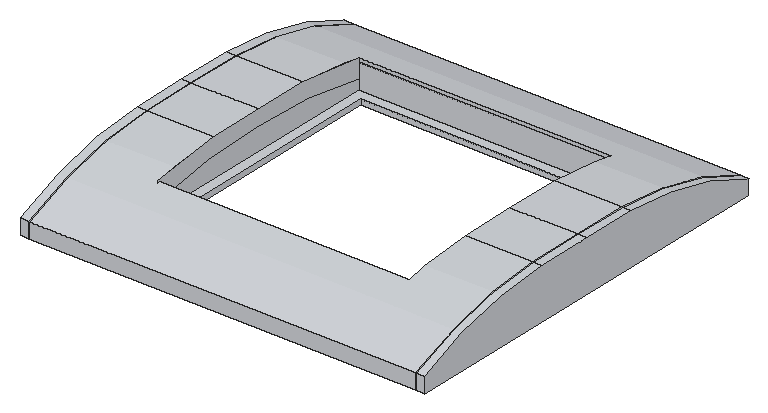
Revit family "Gira_0211758", category Electrical Fixtures, host Face, Revit 2017
Family settings
  Host = Face
  Maintain Annotation Orientation = No
  Round Connector Dimension = Use Diameter
  Part Type = Normal
  Cut with Voids When Loaded = No
  Shared = No
  Room Calculation Point = No
Parameters (values of type "Cov.fr. 1-g interm.fr. AN Gira Event Clear aubergine")
  With mounting grid = "No"
  With hinged lid = "No"
  URL = "http://katalog.gira.de/en/datenblatt.html?artikelnr=0211758"
  Type of fastening = "Clamp mounting"
  Transparent = "No"
  Surface protection = "Other"
  Surface finishing = "Glossy"
  Suitable for wall duct = "No"
  Suitable for flush-mounted installation = "Yes"
  Suitable for floor box = "No"
  Suitable for built-in installation = "No"
  Number of units vertical = "1"
  Number of units horizontal = "1"
  Number of units = "1"
  Name = "Cov.fr. 1-g interm.fr. AN Gira Event Clear aubergine"
  Mounting direction = "Horizontal and vertical"
  Material quality = "Thermoplastic"
  Material = "Plastic"
  Manufacturer URL = "https://www.gira.de/"
  Manufacturer = "Gira"
  Label space/information surface = "No"
  Keynote = ""
  HeinzeBIM = "https://bimportal.heinze.de/bim/cov-fr-1-g-interm-fr-an-gira-event-clear-aubergine/83978e47247f62c881ce1ef036a7b14615664897"
  Halogen free = "Yes"
  HAN = "0211758"
  GTIN = "4010337069225"
  Description = "Cov.fr.1g i.fr.AN EvCl AU,Gira Event Clear cover frame,aubergine with anthracite intermediate frame,1-gang,Features:,- Shatter-proof."
  Degree of protection (IP) = "IP20"
  Default Elevation = 1219.2 mm
  Data sheet (1) = "https://katalog.gira.de/en/download.html?artikelnr=0211758"
  Colour = "Other"
  Category = "Cover frame for domestic switching devices"
  BIM (1) = "https://media.stage.bim.site/public/gira/36a6b08/Event_Rahmen_1fach.rfa"
  Available = "No"
Reference planes
  plane 1 "Center (Front/Back)": y = 0
  plane 2: z = 0
  plane 3 "Center (Left/Right)": x = 0
Forms (mm)
  Extrusion 1, solid, detail levels fine
    sketch origin (0, 0, 1.55) x (0, 1, 0) y (0, 0, 1)
      loop
        arc (12.445, 9.683) -> (6.223, 9.833) -> (0, 9.85) r 291.636
        arc (0, 9.85) -> (-6.223, 9.833) -> (-12.445, 9.683) r 291.636
        arc (-12.445, 9.683) -> (-29.14, 7.482) -> (-45, 1.823) r 79.728
        line (-45, 1.823) -> (-45, -1.55) -> (-41.777, -1.55) -> (-41.777, -0.55)
        arc (-41.777, -0.55) -> (-21.205, 4.846) -> (0, 6.467) r 118.15
        arc (0, 6.467) -> (21.205, 4.846) -> (41.777, -0.55) r 118.15
        line (41.777, -0.55) -> (41.777, -1.55) -> (45, -1.55) -> (45, 1.823)
        arc (45, 1.823) -> (29.14, 7.482) -> (12.445, 9.683) r 79.728
    from -43 to 43
  Extrusion 2, void, detail levels fine
    sketch origin (0, 0, 0) x (1, 0, 0) y (0, 1, 0)
      loop
        line (-28, -28) -> (28, -28) -> (28, 28) -> (-28, 28) -> (-28, -28)
    from 2.85 to 12
  Extrusion 3, solid, detail levels coarse
    sketch origin (0, 0, 0) x (1, 0, 0) y (0, 1, 0)
      loop
        line (-45, 45) -> (-45, -45) -> (45, -45) -> (45, 45) -> (-45, 45)
    from 0 to 11.4
  Extrusion 4, solid, detail levels medium
    sketch origin (0, 0, 1.55) x (0, 1, 0) y (0, 0, 1)
      loop
        arc (12.445, 9.683) -> (6.223, 9.833) -> (0, 9.85) r 291.636
        arc (0, 9.85) -> (-6.223, 9.833) -> (-12.445, 9.683) r 291.636
        arc (-12.445, 9.683) -> (-29.14, 7.482) -> (-45, 1.823) r 79.728
        line (-45, 1.823) -> (-45, -1.55) -> (45, -1.55) -> (45, 1.823)
        arc (45, 1.823) -> (29.14, 7.482) -> (12.445, 9.683) r 79.728
    from -45 to 45
  Extrusion 5, solid, detail levels fine
    sketch origin (0, 0, 0) x (0, 1, 0) y (0, 0, 1)
      loop
        arc (45, 3.373) -> (29.14, 9.032) -> (12.445, 11.233) r 79.728
        arc (12.445, 11.233) -> (6.223, 11.383) -> (0, 11.4) r 291.636
        arc (0, 11.4) -> (-6.223, 11.383) -> (-12.445, 11.233) r 291.636
        arc (-12.445, 11.233) -> (-29.14, 9.032) -> (-45, 3.373) r 79.728
        line (-45, 3.373) -> (-45, 0) -> (45, 0) -> (45, 3.373)
    from 43 to 45
  Extrusion 6, solid, detail levels fine
    sketch origin (0, 0, 0) x (0, 1, 0) y (0, 0, -1)
      loop
        line (45, -3.373) -> (45, 0) -> (-45, 0) -> (-45, -3.373)
        arc (-45, -3.373) -> (-29.14, -9.032) -> (-12.445, -11.233) r 79.728
        arc (-12.445, -11.233) -> (-6.223, -11.383) -> (0, -11.4) r 291.636
        arc (0, -11.4) -> (6.223, -11.383) -> (12.445, -11.233) r 291.636
        arc (12.445, -11.233) -> (29.14, -9.032) -> (45, -3.373) r 79.728
    from 43 to 45
  Extrusion 7, solid, detail levels fine
    sketch origin (0, 0, 0) x (1, 0, 0) y (0, 1, 0)
      loop
        line (-25.7, 25.7) -> (-25.7, -25.7) -> (25.7, -25.7) -> (25.7, 25.7) -> (-25.7, 25.7)
      loop
        line (-29.495, 27.895) -> (-29.495, -27.895)
        spline (-29.495, -27.895) -> (-29.486, -28.025) -> (-29.461, -28.154) -> (-29.419, -28.278) -> (-29.361, -28.395) -> (-29.288, -28.504) -> (-29.202, -28.602) -> (-29.104, -28.688) -> (-28.995, -28.761) -> (-28.878, -28.819) -> (-28.754, -28.861) -> (-28.625, -28.886) -> (-28.495, -28.895)
        line (-28.495, -28.895) -> (28.495, -28.895)
        spline (28.495, -28.895) -> (28.625, -28.886) -> (28.754, -28.861) -> (28.878, -28.819) -> (28.995, -28.761) -> (29.104, -28.688) -> (29.202, -28.602) -> (29.288, -28.504) -> (29.361, -28.395) -> (29.419, -28.278) -> (29.461, -28.154) -> (29.486, -28.025) -> (29.495, -27.895)
        line (29.495, -27.895) -> (29.495, 27.895)
        spline (29.495, 27.895) -> (29.486, 28.025) -> (29.461, 28.154) -> (29.419, 28.278) -> (29.361, 28.395) -> (29.288, 28.504) -> (29.202, 28.602) -> (29.104, 28.688) -> (28.995, 28.761) -> (28.878, 28.819) -> (28.754, 28.861) -> (28.625, 28.886) -> (28.495, 28.895)
        line (28.495, 28.895) -> (-28.495, 28.895)
        spline (-28.495, 28.895) -> (-28.625, 28.886) -> (-28.754, 28.861) -> (-28.878, 28.819) -> (-28.995, 28.761) -> (-29.104, 28.688) -> (-29.202, 28.602) -> (-29.288, 28.504) -> (-29.361, 28.395) -> (-29.419, 28.278) -> (-29.461, 28.154) -> (-29.486, 28.025) -> (-29.495, 27.895)
    from 1.673 to 8.5
Cuts and joins
  Extrusion 2 cuts Extrusion 1
  Extrusion 2 cuts Extrusion 7
Dimensions and locks
  aligned and locked: plane 2 to host face
  aligned and locked: level to host face
